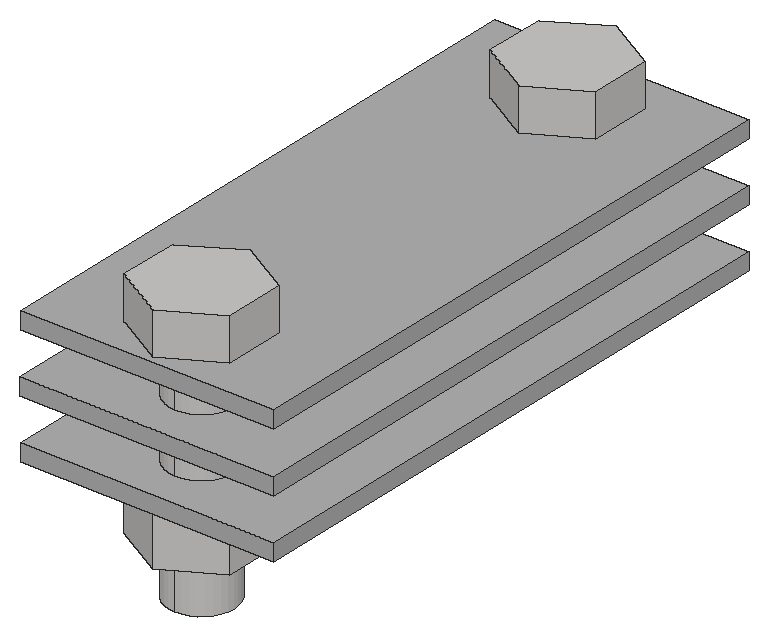
Revit family "DF_ЗажимПараллельный_Полоса_Полоса_90558_EZETEK", category Соединительные детали воздуховодов, Revit 2017
Family settings
  Размер круглого соединителя = Использовать радиус
  Тип детали = Соединение
  На основе рабочей плоскости = Нет
  Всегда вертикально = Да
  При загрузке вырезать с полостями = Нет
  Общий = Нет
Parameters (values of type "ЗажимПараллельный_Полоса_Полоса_90558")
  Ширина1 [instance] = 30 mm
  Угол = 0.00°  # constant formula
  Тип = FA_ЗажимПараллельный_Полоса_Полоса_90558_EZETEK : ЗажимПараллельный_Полоса_Полоса_90558
  Смещение_Коннекторы_По вертикали [instance] = if(Графика_Сместить_ПоВертикали, 4 mm, 0 mm)  # 4 mm
  СфераОшибки [instance] = if(or(ADSK_Размер_Ширина > 40 mm, Ширина1 > 40 mm), 1 = 1, 1 = 0)  # no
  Смещение_Коннекторы_Длина [instance] = if(Графика_Сместить_ПоДлине, 50 mm, 1 mm)  # 50 mm
  Предупреждение [instance] = if(СфераОшибки, "Допустимые диаметры стержней: 8, 10", "")  # ""
  Описание = "Зажим позволяет выполнить соединение в параллельном направлении полосы шириной до 40 мм. Зажим стягивается болтами с гайками М8."  # constant formula
  Группа модели = "Зажимы"  # constant formula
  Графика_Сместить_ПоДлине [instance] = yes
  Графика_Сместить_ПоВертикали [instance] = yes
  Производитель_Контакты = "ezetek@ezetek.ru"  # constant formula
  built-in parameter 1114242 [instance] = 1 = 0  # (empty or 0)
  Изготовитель = "Ezetek"  # constant formula
  Высота1 [instance] = 4 mm
  URL = "https://ezetek.ru/"
  R_Error [instance] = if(СфераОшибки, 200 mm, 1 mm)  # 1 mm
  ADSK_Этаж [instance] = ""
  ADSK_Размер_Ширина [instance] = 30 mm
  ADSK_Размер_Высота [instance] = 4 mm
  ADSK_Примечание [instance] = "Неспецифицируемое"  # constant formula
  ADSK_Позиция [instance] = "Неспецифицируемое"  # constant formula
  ADSK_Обозначение = "Неспецифицируемое"  # constant formula
  ADSK_Наименование краткое [instance] = "Неспецифицируемое"  # constant formula
  ADSK_Наименование = "Неспецифицируемое"  # constant formula
  ADSK_Материал = BIMLIB_Сталь_Оцинкованная_EZETEK
  ADSK_Масса_Текст = "Неспецифицируемое"  # constant formula
  ADSK_Масса = 0  # constant formula
  ADSK_Марка = "Неспецифицируемое"  # constant formula
  ADSK_Количество = 0  # constant formula
  ADSK_Код изделия = "Неспецифицируемое"  # constant formula
  ADSK_Завод-изготовитель = "Неспецифицируемое"  # constant formula
  ADSK_Единица измерения = "Неспецифицируемое"  # constant formula
  ADSK_Группирование [instance] = ""
  ADSK_Версия Revit = "2017"  # constant formula
Reference planes
  plane 1 "По центру (Вперед/Назад)": y = 0
  plane 2: z = 0
  plane 3 "По центру (Влево/Вправо)": x = 0
  plane 4 "U": z = 4
  plane 5 "L": z = -4
Forms (mm)
  Revolve 1, solid, visible <- "СфераОшибки"
    sketch origin (0, 0, 0) x (1, 0, 0) y (0, 1, 0)
      loop
        arc (1, 0) -> (0, 1) -> (-1, 0) r 1
        line (-1, 0) -> (1, 0)
      axis (1, 0) -> (-1, 0)
    angle from 0 to 360
Lines and regions (mm)
  reference lines
    curve 1: line (-50, 0, -4) -> (1, 0, -4)
    curve 2: line (50, 0, 4) -> (-1, 0, 4)
Dimensions and locks
  "Смещение_Коннекторы_По вертикали": plane 4 "U" to plane 2 to plane 5 "L"
  locked: curve 2 to plane 3 "По центру (Влево/Вправо)" at 1
  "Смещение_Коннекторы_Длина": plane 3 "По центру (Влево/Вправо)" to curve 2
  locked: plane 3 "По центру (Влево/Вправо)" to curve 1 at 1
  "Смещение_Коннекторы_Длина": curve 1 to plane 3 "По центру (Влево/Вправо)"
  "R_Error": radius of Revolve 1 sketch curve
  aligned and locked: level to plane 2
  aligned and locked: plane 1 "По центру (Вперед/Назад)" to Revolve 1 sketch curve  (x2)
  aligned and locked: curve 1 to plane 5 "L"
  aligned and locked: plane 4 "U" to curve 2
Automatic sketch dimensions
  plane 1 "По центру (Вперед/Назад)" to Revolve 1 sketch curve = 0 mm
  Revolve 1 sketch curve to plane 3 "По центру (Влево/Вправо)" = 0 mm
  Revolve 1 sketch curve to Revolve 1 sketch curve = 42.294 mm
  Revolve 1 sketch curve to Revolve 1 sketch curve = 33.119 mm
  plane 1 "По центру (Вперед/Назад)" to curve 1 = 0 mm
  plane 1 "По центру (Вперед/Назад)" to curve 2 = 0 mm
Nested families
  nested 1: "FA_ЗажимПараллельный_Полоса_Полоса_90558_EZETEK" at (0, 0, 0) x (0, 1, 0) z (0, 0, 1), type <- "Тип", ADSK_Этаж <- "ADSK_Этаж", ADSK_Группирование <- "ADSK_Группирование", type "ЗажимПараллельный_Полоса_Полоса_90558", detail levels fine
    with Сместить yes, Использовать масштаб аннотаций 0, ADSK_Этаж "", ADSK_Примечание "", ADSK_Позиция "", ADSK_Наименование краткое "Зажим заземления", ADSK_Группирование ""
Connectors
  hvac at (50, 0, 4), driven by "ADSK_Размер_Высота", driven by "ADSK_Размер_Ширина"
    settings: on curve 2, index 1, duct flow 0.0 L/s, flow factor 0, pres drop 0.0 Pa, loss coef 0, conn angle 0.00°, conn width 30 mm, conn height 4 mm, conn diameter 609.6 mm, duct sys type 1, conn prof type 1, flow config 0, flow direction 0, loss method 0, conn ref index 2, conn util no, is conn primary yes, conn desc ""
  hvac at (-50, 0, -4), driven by "Высота1", driven by "Ширина1"
    settings: on curve 1, index 2, duct flow 0.0 L/s, flow factor 0, pres drop 0.0 Pa, loss coef 0, conn angle 0.00°, conn width 30 mm, conn height 4 mm, conn diameter 609.6 mm, duct sys type 1, conn prof type 1, flow config 0, flow direction 0, loss method 0, conn ref index 1, conn util no, is conn primary no, conn desc ""
Definition of nested family "FA_ЗажимПараллельный_Полоса_Полоса_90558_EZETEK"
  Parameters (values of type "ЗажимПараллельный_Полоса_Полоса_90558")
    Угол = 90.00°  # constant formula
    Сместить [instance] = yes
    Производитель_Контакты = "ezetek@ezetek.ru"  # constant formula
    Description = "Зажим позволяет выполнить соединение в параллельном направлении полосы шириной до 40 мм. Зажим стягивается болтами с гайками М8."  # constant formula
    Использовать масштаб аннотаций [instance] = 1 = 0  # 0
    Manufacturer = "Ezetek"  # constant formula
    Model = "Зажимы"  # constant formula
    URL = "https://ezetek.ru/"
    ADSK_Этаж [instance] = ""
    ADSK_Примечание [instance] = ""
    ADSK_Позиция [instance] = ""
    ADSK_Обозначение = "90558"
    ADSK_Наименование краткое [instance] = "Зажим соединительный"
    ADSK_Наименование = "Зажим соединительный полоса — полоса параллельный, оцинк.\r\nПроизводитель: EZETEK"
    ADSK_Материал = none
    ADSK_Масса_Текст = "0.13"  # constant formula
    ADSK_Масса = 0.13  # constant formula
    ADSK_Марка = "90558"
    ADSK_Количество = 1  # constant formula
    ADSK_Код изделия = "90558"
    ADSK_Завод-изготовитель = "Ezetek"  # constant formula
    ADSK_Единица измерения = "шт."  # constant formula
    ADSK_Группирование [instance] = ""
    ADSK_Версия Revit = "2017"  # constant formula
  Reference planes
    plane 1 "По центру (Вперед/Назад)": y = 0
    plane 2: z = 0
    plane 3 "По центру (Влево/Вправо)": x = 0
    plane 4: z = 1
    plane 5: z = -1
    plane 6: z = 8
    plane 7 "Up": z = 6
    plane 8: z = -6
    plane 9: z = -8
    plane 10: z = 13
    plane 11: z = -14.4
    plane 12: z = -20.4
    plane 13: z = 7
    plane 14: z = -7
    plane 15 "M": y = 0
    plane 16 "U": z = 9.5
    plane 17 "L": z = -9.5
    plane 18: z = -9.5
    plane 19: x = 0
    plane 20: x = -35
    plane 21: x = 35
    plane 22: x = -27
    plane 23: x = 27
  Forms (mm)
    Extrusion 1, solid, material <- "ADSK_Материал", detail levels fine
      sketch origin (0, 0, 0) x (1, 0, 0) y (0, 1, 0)
        loop
          line (-35, 15) -> (-35, -15) -> (35, -15) -> (35, 15) -> (-35, 15)
      from 1 to -1
    Extrusion 2, solid, detail levels fine
      sketch origin (15, 0, 0) x (1, 0, 0) y (0, 1, 0)
        loop
          circle (-42, 0) r 3.9
      from 8 to -20.4
    Extrusion 3, solid, detail levels fine
      sketch origin (7, 0, 0) x (1, 0, 0) y (0, 1, 0)
        loop
          line (-37.603, 6.24) -> (-41.205, 0) -> (-37.603, -6.24) -> (-30.397, -6.24) -> (-26.795, 0) -> (-30.397, 6.24) -> (-37.603, 6.24)
      from 13 to 8
    Extrusion 4, solid, detail levels fine
      sketch origin (7, 0, 0) x (1, 0, 0) y (0, 1, 0)
        loop
          line (-37.603, 6.24) -> (-41.205, 0) -> (-37.603, -6.24) -> (-30.397, -6.24) -> (-26.795, 0) -> (-30.397, 6.24) -> (-37.603, 6.24)
      from -8 to -14.4
    Extrusion 5, solid, detail levels fine
      sketch origin (-15, 0, 0) x (-1, 0, 0) y (0, -1, 0)
        loop
          circle (-42, 0) r 3.9
      from 8 to -17.11
    Extrusion 6, solid, detail levels fine
      sketch origin (-7, 0, 0) x (-1, 0, 0) y (0, -1, 0)
        loop
          line (-37.603, -6.24) -> (-30.397, -6.24) -> (-26.795, 0) -> (-30.397, 6.24) -> (-37.603, 6.24) -> (-41.205, 0) -> (-37.603, -6.24)
      from 13 to 8
    Extrusion 7, solid, detail levels fine
      sketch origin (-7, 0, 0) x (-1, 0, 0) y (0, -1, 0)
        loop
          line (-37.603, -6.24) -> (-30.397, -6.24) -> (-26.795, 0) -> (-30.397, 6.24) -> (-37.603, 6.24) -> (-41.205, 0) -> (-37.603, -6.24)
      from -8 to -14.4
    Extrusion 8, solid, material <- "ADSK_Материал", detail levels fine
      sketch origin (0, 0, 12) x (0, -1, 0) y (1, 0, 0)
        loop
          line (-15, -35) -> (15, -35) -> (15, 35) -> (-15, 35) -> (-15, -35)
      from -4 to -6
    Extrusion 9, solid, material <- "ADSK_Материал", detail levels fine
      sketch origin (0, 0, -12) x (0, -1, 0) y (1, 0, 0)
        loop
          line (-15, -35) -> (15, -35) -> (15, 35) -> (-15, 35) -> (-15, -35)
      from 6 to 4
  Dimensions and locks
    locked: plane 2 to plane 5 at 1
    locked: plane 4 to plane 2 at 1
    plane 4 to plane 5 = 2 mm
    locked: plane 6 to plane 7 "Up" at 2
    locked: plane 8 to plane 9 at 2
    locked: plane 10 to plane 6 at 5
    locked: plane 7 "Up" to plane 4 at 5
    locked: plane 5 to plane 8 at 5
    locked: plane 9 to plane 11 at 6.4
    locked: plane 11 to plane 12 at 6
    equal spacing: plane 6, plane 13, plane 7 "Up"
    equal spacing: plane 8, plane 14, plane 9
    locked: plane 20 to plane 3 "По центру (Влево/Вправо)" at 35
    locked: plane 21 to plane 3 "По центру (Влево/Вправо)" at 35
    locked: plane 22 to plane 3 "По центру (Влево/Вправо)" at 27
    locked: plane 23 to plane 3 "По центру (Влево/Вправо)" at 27
    aligned and locked: level to plane 2
    aligned and locked: Extrusion 1 to plane 5
    aligned and locked: plane 4 to Extrusion 1
    aligned and locked: plane 6 to Extrusion 2
    aligned and locked: Extrusion 2 to plane 12
    aligned and locked: Extrusion 1 sketch curve to plane 20
    aligned and locked: Extrusion 1 sketch curve to plane 21
    aligned and locked: Extrusion 8 to plane 7 "Up"
    aligned and locked: plane 6 to Extrusion 8
    aligned and locked: plane 8 to Extrusion 9
    aligned and locked: Extrusion 9 to plane 9
  Automatic sketch dimensions
    plane 1 "По центру (Вперед/Назад)" to Extrusion 1 sketch curve = 15 mm
    Extrusion 1 sketch curve to plane 1 "По центру (Вперед/Назад)" = 15 mm
    plane 1 "По центру (Вперед/Назад)" to Extrusion 2 sketch curve = 0 mm
    Extrusion 2 sketch curve to plane 22 = 0 mm
    plane 1 "По центру (Вперед/Назад)" to Extrusion 3 sketch curve = 0 mm  (x2)
    Extrusion 3 sketch curve to plane 20 = 0.795 mm
    plane 22 to Extrusion 3 sketch curve = 3.603 mm  (x2)
    Extrusion 3 sketch curve to plane 22 = 3.603 mm  (x2)
    Extrusion 3 sketch curve to plane 22 = 7.205 mm
    plane 1 "По центру (Вперед/Назад)" to Extrusion 3 sketch curve = 6.24 mm
    Extrusion 3 sketch curve to plane 1 "По центру (Вперед/Назад)" = 6.24 mm
    plane 1 "По центру (Вперед/Назад)" to Extrusion 4 sketch curve = 0 mm  (x2)
    Extrusion 4 sketch curve to plane 20 = 0.795 mm
    plane 22 to Extrusion 4 sketch curve = 3.603 mm  (x2)
    Extrusion 4 sketch curve to plane 22 = 3.603 mm  (x2)
    Extrusion 4 sketch curve to plane 22 = 7.205 mm
    plane 1 "По центру (Вперед/Назад)" to Extrusion 4 sketch curve = 6.24 mm
    Extrusion 4 sketch curve to plane 1 "По центру (Вперед/Назад)" = 6.24 mm
    plane 1 "По центру (Вперед/Назад)" to Extrusion 5 sketch curve = 0 mm
    Extrusion 5 sketch curve to plane 23 = 0 mm
    plane 1 "По центру (Вперед/Назад)" to Extrusion 6 sketch curve = 0 mm  (x2)
    plane 21 to Extrusion 6 sketch curve = 0.795 mm
    Extrusion 6 sketch curve to plane 23 = 3.603 mm  (x2)
    plane 23 to Extrusion 6 sketch curve = 3.603 mm  (x2)
    plane 23 to Extrusion 6 sketch curve = 7.205 mm
    Extrusion 6 sketch curve to plane 1 "По центру (Вперед/Назад)" = 6.24 mm
    plane 1 "По центру (Вперед/Назад)" to Extrusion 6 sketch curve = 6.24 mm
    plane 1 "По центру (Вперед/Назад)" to Extrusion 7 sketch curve = 0 mm  (x2)
    plane 21 to Extrusion 7 sketch curve = 0.795 mm
    Extrusion 7 sketch curve to plane 23 = 3.603 mm  (x2)
    plane 23 to Extrusion 7 sketch curve = 3.603 mm  (x2)
    plane 23 to Extrusion 7 sketch curve = 7.205 mm
    Extrusion 7 sketch curve to plane 1 "По центру (Вперед/Назад)" = 6.24 mm
    plane 1 "По центру (Вперед/Назад)" to Extrusion 7 sketch curve = 6.24 mm
    Extrusion 8 sketch curve to plane 21 = 0 mm
    Extrusion 8 sketch curve to plane 20 = 0 mm
    Extrusion 8 sketch curve to plane 1 "По центру (Вперед/Назад)" = 15 mm
    plane 1 "По центру (Вперед/Назад)" to Extrusion 8 sketch curve = 15 mm
    Extrusion 9 sketch curve to plane 21 = 0 mm
    Extrusion 9 sketch curve to plane 20 = 0 mm
    Extrusion 9 sketch curve to plane 1 "По центру (Вперед/Назад)" = 15 mm
    plane 1 "По центру (Вперед/Назад)" to Extrusion 9 sketch curve = 15 mm
    radius of Extrusion 2 sketch curve = 3.9 mm
    radius of Extrusion 5 sketch curve = 3.9 mm
